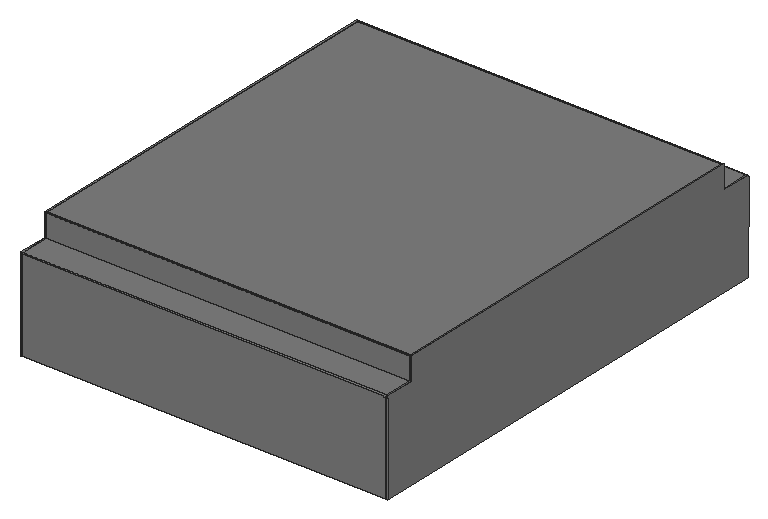
Revit family "Building-ContenitoriIncasso-GEWISS-24SC-TORRETTE-SCOMPARSA_CASSEFORME", category Apparecchi elettrici, host Superficie, Revit 2016
Family settings
  Host = Superficie
  Mantenere orientamento annotazione = Sì
  Tipo di parte = Normale
  Quota connettore circolare = Usa diametro
  Taglio con vuoti quando caricato = Sì
  Condiviso = Sì
  Punto di calcolo locali = Sì
Parameters (values of type "GW24622 - Cassaforma in metallo per torretta 20-32p")
  Versione file RFA = "19.0"
  URL = "https://www.gewiss.com/it/it"
  Tipo = Torrette a Scomparsa Casseforme_GENERICO : GW24622 Cassaforma in metallo per torretta 20-32p
  Simbolo [instance] = yes
  Scheda Tecnica = "https://www.gewiss.com/it/it/search?q=GW24622"
  SEO = "Cassaforma"
  Default Elevation = 1219.2 mm
  Produttore = "GEWISS S.p.A."
  Modello = "GW24622"
  Materiale = "Metallo"
  Immagine tipo = GW24622.jpg
  IFC.TypeObject = ""
  IFC.ExportType = ""
  IFC.ExportAs = ""
  IDT = "eb2e272e-e186-4efe-a574-cdabb52c6024"
  IDF = "dde60852-3545-4396-b662-6cfd727f457d"
  Distanza verticale del simbolo [instance] = 4.208 mm
  Distanza orizzontale del simbolo [instance] = 273.376 mm
  Descrizione = "CASSAFORMA IN METALLO P. TORRETTA 20-32P"
  Creato da GEWISS S.p.A. = ""
  Cornice simbolo [instance] = yes
  Codice Electrocod = "200"
  Codice EAN = "8011564759664"
  Catalogo Serie = "24SC"
  Catalogo = "BUILDING"
  COBie.Tagnumber = ""
  COBie.CreatedOn = ""
  COBie.CreatebBy = ""
  COBie.ComponentRegisterItemID = ""
  COBie.Component.TagNumber = ""
  COBie.Component.Space = ""
  COBie.Component.SerialNumber = ""
  COBie.Component.InstallationDate = ""
  COBie.Component.Description = ""
  COBie.Component.BarCode = ""
  Adatto per torrette = "GW24602, GW24612"
Types (2, lengths in mm): name | Tipo | Scheda Tecnica | Modello | Immagine tipo | IDT | Descrizione | Codice EAN | Adatto per torrette
  GW24621 - Cassaforma in metallo per torretta 10-16p | Torrette a Scomparsa Casseforme_GENERICO : GW24621 Cassaforma in metallo per torretta 10-16p | "https://www.gewiss.com/it/it/search?q=GW24621" | "GW24621" | GW24621.jpg | "a4db9c67-232d-4003-bcf7-e7e699d0c973" | "CASSAFORMA IN METALLO P.TORRETTA 10-16P" | "8011564759657" | "GW24601, GW24611"
  GW24622 - Cassaforma in metallo per torretta 20-32p | Torrette a Scomparsa Casseforme_GENERICO : GW24622 Cassaforma in metallo per torretta 20-32p | "https://www.gewiss.com/it/it/search?q=GW24622" | "GW24622" | GW24622.jpg | "eb2e272e-e186-4efe-a574-cdabb52c6024" | "CASSAFORMA IN METALLO P. TORRETTA 20-32P" | "8011564759664" | "GW24602, GW24612"
Reference planes
  plane 1 "Centro (Fronte/Retro)": y = 0
  plane 2: z = 0
  plane 3 "Centro (Sinistra/Destra)": x = 0
  plane 4: x = -273.376
Dimensions and locks
  "Distanza orizzontale del simbolo": plane 4 to plane 3 "Centro (Sinistra/Destra)"
  aligned and locked: plane 2 to host face
  aligned and locked: level to host face
  aligned and locked: plane 3 "Centro (Sinistra/Destra)" to nested 1
  aligned and locked: plane 1 "Centro (Fronte/Retro)" to nested 1
  aligned and locked: plane 4 to nested 2
Automatic sketch dimensions
  host sketch curve to host sketch curve = 2438.4 mm  (x2)
Nested families
  nested 1: "Torrette a Scomparsa Casseforme_GENERICO" at (0, 0, -100), type <- "Tipo", type "GW24622 Cassaforma in metallo per torretta 20-32p"
  nested 2: "CASSDERIVAZPAR" at (-273.376, 184.587, 0), Distanza dal muro <- "Distanza verticale del simbolo", BORDO ACCESO <- "Cornice simbolo", SIMBOLO ACCESO <- "Simbolo", type "CASSETTA"
    with SIMBOLO ACCESO yes, Distanza dal muro 4.208 mm, BORDO ACCESO yes
Definition of nested family "Torrette a Scomparsa Casseforme_GENERICO"
  Parameters (values of type "GW24621 Cassaforma in metallo per torretta 10-16p")
    Lunghezza = 238 mm
    Larghezza = 318 mm
    Lunghezza interna = 189 mm
    Finitura Torretta Casseforme = none
    Altezza Torretta = 100 mm  # constant formula
  Types (3, lengths in mm): name | Lunghezza | Lunghezza interna
    (no name) | 238 | 189
    GW24621 Cassaforma in metallo per torretta 10-16p | 238 | 189
    GW24622 Cassaforma in metallo per torretta 20-32p | 391 | 339
  Reference planes
    plane 1 "Centro (Fronte/Retro)": y = 0
    plane 2: z = 0
    plane 3 "Centro (Sinistra/Destra)": x = 0
    plane 4: x = -159
    plane 5: x = 159
    plane 6: y = 119
    plane 7: y = -119
    plane 8 "Faccia Superiore Torretta": z = 80
    plane 9 "Faccia Coperchio": z = 100
    plane 10: x = 158
    plane 11: x = -158
    plane 12: z = 1
    plane 13: y = -118
    plane 14: y = 118
    plane 15: z = 1
    plane 16: y = -94.5
    plane 17: y = 94.5
  Forms (mm)
    Extrusion 1, solid, material <- "Finitura Torretta Casseforme"
      sketch origin (0, 0, 0) x (1, 0, 0) y (0, 1, 0)
        loop
          line (-158, 118) -> (-158, -118) -> (158, -118) -> (158, 118) -> (-158, 118)
      from 0 to 1
    Extrusion 2, solid, material <- "Finitura Torretta Casseforme"
      sketch origin (0, 0, 100) x (-1, 0, 0) y (0, -1, 0)
        loop
          line (158, -93.5) -> (158, 93.5) -> (-158, 93.5) -> (-158, -93.5) -> (158, -93.5)
      from -0.9 to 0
    Sweep 3, solid, material <- "Finitura Torretta Casseforme"
      path origin (0, 0, 0) x (1, 0, 0) y (0, -1, 0)
        loop
          line (-158, 119) -> (158, 119)
      profile origin (0, -119, 0) x (0, 1, 0) y (0, 0, 1)
        loop
          line (0, 0) -> (1, 0) -> (1, 79) -> (25.5, 79) -> (25.5, 100) -> (24.5, 100) -> (24.5, 80) -> (1, 80)
          arc (1, 80) -> (0.293, 79.707) -> (0, 79) r 1
          line (0, 79) -> (0, 0)
    Extrusion 4, solid, material <- "Finitura Torretta Casseforme"
      sketch origin (0, 0, 0) x (0, 1, 0) y (0, 0, 1)
        loop
          line (-119, 0) -> (119, 0) -> (119, 79)
          arc (119, 79) -> (118.707, 79.707) -> (118, 80) r 1
          line (118, 80) -> (94.5, 80) -> (94.5, 100) -> (-94.5, 100) -> (-94.5, 80) -> (-118, 80)
          arc (-118, 80) -> (-118.707, 79.707) -> (-119, 79) r 1
          line (-119, 79) -> (-119, 0)
      from 158 to 159
    Extrusion 5, solid, material <- "Finitura Torretta Casseforme"
      sketch origin (0, 0, 0) x (0, 1, 0) y (0, 0, -1)
        loop
          line (-119, 0) -> (-119, -79)
          arc (-119, -79) -> (-118.707, -79.707) -> (-118, -80) r 1
          line (-118, -80) -> (-94.5, -80) -> (-94.5, -100) -> (94.5, -100) -> (94.5, -80) -> (118, -80)
          arc (118, -80) -> (118.707, -79.707) -> (119, -79) r 1
          line (119, -79) -> (119, 0) -> (-119, 0)
      from 158 to 159
    Sweep 6, solid, material <- "Finitura Torretta Casseforme"
      path origin (0, 0, 0) x (1, 0, 0) y (0, 1, 0)
        loop
          line (-158, 119) -> (158, 119)
      profile origin (0, 119, 0) x (0, 1, 0) y (0, 0, 1)
        loop
          line (0, 0) -> (0, 79)
          arc (0, 79) -> (-0.293, 79.707) -> (-1, 80) r 1
          line (-1, 80) -> (-24.5, 80) -> (-24.5, 100) -> (-25.5, 100) -> (-25.5, 79) -> (-1, 79) -> (-1, 0) -> (0, 0)
  Dimensions and locks
    equal spacing: plane 6, plane 1 "Centro (Fronte/Retro)", plane 7
    "Lunghezza": plane 6 to plane 7
    equal spacing: plane 4, plane 3 "Centro (Sinistra/Destra)", plane 5
    "Larghezza": plane 4 to plane 5
    "Altezza Torretta": plane 9 "Faccia Coperchio" to level
    locked: plane 9 "Faccia Coperchio" to plane 8 "Faccia Superiore Torretta" at 20
    locked: plane 10 to plane 5 at 1
    locked: plane 4 to plane 11 at 1
    locked: plane 12 to level at 1
    locked: plane 7 to plane 13 at 1
    locked: plane 6 to plane 14 at 1
    equal spacing: plane 17, plane 1 "Centro (Fronte/Retro)", plane 16
    "Lunghezza interna": plane 16 to plane 17
    plane 9 "Faccia Coperchio" to plane 2 = 100 mm
    aligned and locked: level to plane 2
    aligned and locked: plane 15 to Extrusion 1
    aligned and locked: plane 11 to Extrusion 2 sketch curve
    aligned and locked: Sweep 3 sketch curve to plane 9 "Faccia Coperchio"
    aligned and locked: plane 16 to Sweep 3 sketch curve
    aligned and locked: Sweep 3 sketch curve to plane 7
    aligned and locked: plane 13 to Sweep 3 sketch curve
    aligned and locked: Sweep 3 sketch curve to plane 8 "Faccia Superiore Torretta"
    aligned and locked: Extrusion 2 to Sweep 3  (x3)
    aligned and locked: Extrusion 1 sketch curve to plane 14
    aligned and locked: plane 10 to Extrusion 1 sketch curve
    aligned and locked: plane 11 to Extrusion 1 sketch curve
    aligned and locked: Extrusion 1 sketch curve to plane 13
    aligned and locked: profile plane to Sweep 3 sketch curve
    aligned and locked: Extrusion 4 sketch curve to Extrusion 1
    aligned and locked: Extrusion 4 sketch curve to Extrusion 2
    aligned and locked: Extrusion 4 sketch curve to Sweep 3  (x3)
    aligned and locked: plane 10 to Extrusion 4
    aligned and locked: Extrusion 4 to plane 5
    aligned and locked: Extrusion 5 to plane 4
    aligned and locked: plane 11 to Extrusion 5
    aligned and locked: profile plane to Sweep 6 sketch curve
    aligned and locked: Sweep 6 to plane 17
    aligned and locked: plane 8 "Faccia Superiore Torretta" to Extrusion 4
    aligned and locked: plane 6 to Extrusion 4
    aligned and locked: plane 9 "Faccia Coperchio" to Sweep 6 sketch curve
    aligned and locked: Sweep 6 sketch curve to plane 17
    aligned and locked: plane 8 "Faccia Superiore Torretta" to Sweep 6 sketch curve
    aligned and locked: plane 6 to Sweep 6 sketch curve
  Automatic sketch dimensions
    Extrusion 2 sketch curve to plane 10 = 0 mm
    plane 17 to Extrusion 2 sketch curve = 1 mm
    plane 16 to Extrusion 2 sketch curve = 1 mm
    plane 7 to Sweep 3 sketch curve = 0 mm
    Sweep 3 sketch curve to plane 11 = 0 mm
    Sweep 3 sketch curve to plane 10 = 0 mm
    Sweep 3 sketch curve to Sweep 3 sketch curve = 0 mm  (x2)
    Sweep 3 sketch curve to Sweep 3 sketch curve = 1 mm
    Extrusion 4 sketch curve to plane 13 = 0 mm
    Extrusion 4 sketch curve to plane 17 = 0 mm
    Extrusion 4 sketch curve to plane 14 = 0 mm
    Extrusion 4 sketch curve to plane 6 = 0 mm
    Extrusion 4 sketch curve to plane 9 "Faccia Coperchio" = 21 mm
    Extrusion 5 sketch curve to level = 0 mm
    Extrusion 5 sketch curve to plane 7 = 0 mm
    Extrusion 5 sketch curve to plane 8 "Faccia Superiore Torretta" = 0 mm  (x2)
    Extrusion 5 sketch curve to plane 13 = 0 mm
    Extrusion 5 sketch curve to plane 9 "Faccia Coperchio" = 0 mm
    Extrusion 5 sketch curve to plane 16 = 0 mm
    Extrusion 5 sketch curve to plane 17 = 0 mm
    Extrusion 5 sketch curve to plane 14 = 0 mm
    Extrusion 5 sketch curve to plane 6 = 0 mm
    Sweep 6 sketch curve to plane 6 = 0 mm
    Sweep 6 sketch curve to plane 11 = 0 mm
    Sweep 6 sketch curve to plane 10 = 0 mm
    Sweep 6 sketch curve to Sweep 6 sketch curve = 1 mm  (x2)
    profile plane to Sweep 6 sketch curve = 1 mm
    Sweep 6 sketch curve to Sweep 6 sketch curve = 0 mm
Definition of nested family "CASSDERIVAZPAR"
  Parameters (values of type "CASSETTA")
    SIMBOLO ACCESO [instance] = yes
    Distanza dal muro [instance] = 4.208 mm
    BORDO ACCESO [instance] = yes
  Reference planes
    plane 1: y = 0
    plane 2: x = 0
  Dimensions and locks
    "Distanza dal muro": plane 1 to nested 1
    aligned and locked: plane 2 to nested 1
  Nested families
    nested 1: "CASSDERIVAZPAR_BASE" at (0, 4.208, 0), BORDO ACCESO <- "BORDO ACCESO", SIMBOLO ACCESO <- "SIMBOLO ACCESO", type "CASSETTA"
      with BORDO ACCESO yes
  Definition of nested family "CASSDERIVAZPAR_BASE"
    Parameters (values of type "CASSETTA")
      SIMBOLO ACCESO [instance] = yes
      Distanza dal muro = 4.208 mm
      BORDO ACCESO [instance] = yes
    Reference planes
      plane 1: y = 0
      plane 2: x = 0
    Lines and regions (mm)
      detail lines, visible <- "BORDO ACCESO"
        curve 1: line (-1, 2.5, 0) -> (1, 2.5, 0)
        curve 2: line (1, 2.5, 0) -> (1, 0, 0)
        curve 3: line (1, 0, 0) -> (-1, 0, 0)
        curve 4: line (-1, 0, 0) -> (-1, 2.5, 0)
        curve 5: line (-0.9, 2.4, 0) -> (0.9, 2.4, 0)
        curve 6: line (0.9, 2.4, 0) -> (0.9, 0.1, 0)
        curve 7: line (0.9, 0.1, 0) -> (-0.9, 0.1, 0)
        curve 8: line (-0.9, 0.1, 0) -> (-0.9, 2.4, 0)
      detail lines, visible <- "BORDO ACCESO", not visible
        curve 9: line (-2.443, 10.208, 0) -> (2.057, 10.208, 0)
        curve 10: line (2.057, 10.208, 0) -> (2.057, 4.208, 0)
        curve 11: line (2.057, 4.208, 0) -> (-2.443, 4.208, 0)
        curve 12: line (-2.443, 4.208, 0) -> (-2.443, 10.208, 0)
        curve 13: line (-2.043, 9.808, 0) -> (1.657, 9.808, 0)
        curve 14: line (1.657, 9.808, 0) -> (1.657, 4.608, 0)
        curve 15: line (1.657, 4.608, 0) -> (-2.043, 4.608, 0)
        curve 16: line (-2.043, 4.608, 0) -> (-2.043, 9.808, 0)
      detail lines, visible <- "SIMBOLO ACCESO"
        curve 17: line (-0.7, 1.95, 0) -> (0.7, 1.95, 0)
        curve 18: line (-0.7, 0.55, 0) -> (-0.7, 1.95, 0)
        curve 19: line (0.7, 0.55, 0) -> (-0.7, 0.55, 0)
        curve 20: line (0.7, 1.95, 0) -> (0.7, 0.55, 0)
        curve 21: circle (0, 1.25, 0) r 0.1 normal (0, 0, 1)
    Dimensions and locks
      aligned and locked: curve 3 to plane 1
